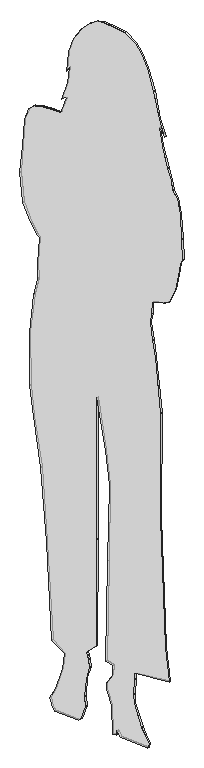
Revit family "Flat Lady 07", category Entourage, Revit 2015
Parameters
  Flat Material [instance] = none
  Height = 0 mm
Reference planes
  plane 1 "Center (Front/Back)": y = 0
  plane 2: z = 0
  plane 3 "Center (Left/Right)": x = 0
Forms (mm)
  Extrusion 1, solid, material <- "Flat Material"
    sketch origin (0, 0, 0) x (1, 0, 0) y (0, 0, 1)
      loop
        line (-9.334, 56.94) -> (-5.266, 102.57) -> (4.679, 131.935) -> (1.059, 150.909) -> (-1.675, 157.74) -> (-4.408, 164.57) -> (2.776, 171.4) -> (20.897, 188.622) -> (22.763, 444.601) -> (22.825, 786.97) -> (46.244, 668.453) -> (55.792, 586.824) -> (52.103, 404.327) -> (47.192, 161.173) -> (65.909, 158.592) -> (64.724, 135.199) -> (63.797, 133.249) -> (48.394, 110.506) -> (48.394, 102.797) -> (48.394, 95.089) -> (61.768, 61.146) -> (65.032, -6.71) -> (74.874, -6.71) -> (75.885, 6.256) -> (87.051, -6.762) -> (158.988, -6.762) -> (163.95, 3.777) -> (153.408, 20.514) -> (143.488, 36.266) -> (123.642, 86.843) -> (122.401, 107.922) -> (124.508, 145.834) -> (124.226, 158.592) -> (216.54, 169.872) -> (205.869, 251.633) -> (192.827, 557.343) -> (194.317, 807.098) -> (179.382, 936.977) -> (172.771, 976.458) -> (166.159, 1015.942) -> (169.711, 1038.25) -> (171.953, 1067.501) -> (202.856, 1073.82) -> (216.762, 1082.571) -> (232.728, 1117.062) -> (244.358, 1169.05) -> (246.652, 1186.411) -> (253.126, 1196.241) -> (250.102, 1245.501) -> (246.533, 1303.6) -> (237.92, 1338.961) -> (226.942, 1354.95) -> (221.685, 1377.541) -> (212.914, 1401.901) -> (197.806, 1449.15) -> (190.061, 1492.371) -> (205.017, 1474.041) -> (190.547, 1511.662) -> (175.586, 1572.91) -> (157.738, 1622.581) -> (142.294, 1652.481) -> (126.376, 1671.77) -> (97.426, 1687.21) -> (71.523, 1691.872) -> (41.299, 1693.06) -> (24.664, 1690.21) -> (3.751, 1676.91) -> (-17.161, 1657.431) -> (-40.448, 1624.17) -> (-53.28, 1589.972) -> (-58.509, 1539.141) -> (-50.425, 1552.441) -> (-56.606, 1514.431) -> (-71.813, 1468.351) -> (-58.98, 1475.95) -> (-72.29, 1441.271) -> (-73.99, 1436.84) -> (-80.392, 1435.202) -> (-95.554, 1435.982) -> (-121.863, 1434.53) -> (-144.39, 1428.162) -> (-158.597, 1415.92) -> (-170.842, 1385.571) -> (-177.212, 1319.962) -> (-183.291, 1254.311) -> (-174.882, 1185.07) -> (-153.608, 1143.03) -> (-136.978, 1119.291) -> (-130.767, 1115.381) -> (-136.209, 1052.45) -> (-135.196, 1015.942) -> (-145.592, 974.525) -> (-158.497, 878.721) -> (-156.686, 752.394) -> (-147.326, 679.979) -> (-127.214, 566.727) -> (-112.869, 391.769) -> (-97.084, 161.911) -> (-63.994, 140.465) -> (-69.668, 103.683) -> (-88.832, 47.897) -> (-102.365, 21.976) -> (-96.728, 0.563) -> (-89.398, -6.762) -> (-26.778, -6.762) -> (-19.496, 0) -> (-7.089, 34.372) -> (-9.334, 56.94)
    from -2.5 to 2.5
Lines and regions (mm)
  model lines
    curve 1: line (-150, 0, 0) -> (150, 0, 0)
    curve 2: line (0, -150, 0) -> (0, 150, 0)
Dimensions and locks
  aligned and locked: level to plane 2
